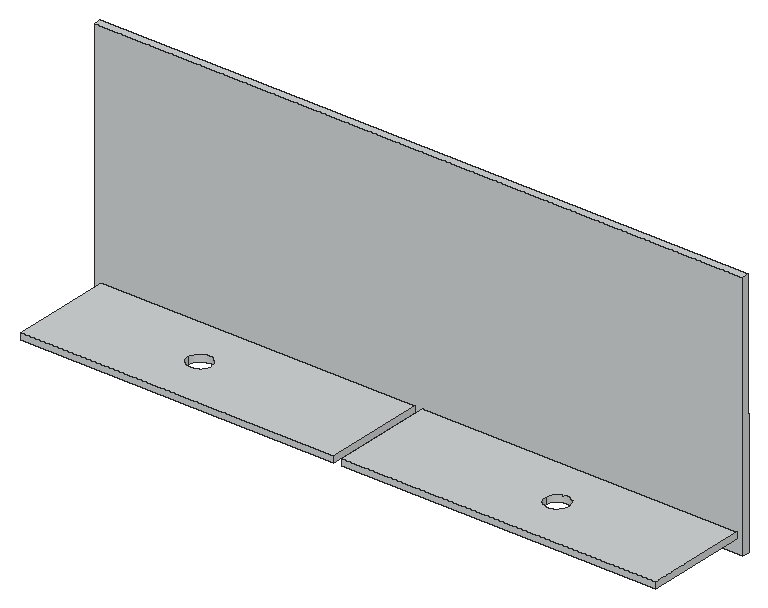
Revit family "Specialty_Equipment-Metal_Raceway-Hubbell_Wiring-Blank_End_Fitting-HBLALU4810B", category Specialty Equipment, host Face, Revit 2015
Parameters (values of type "HBLALU4810B")
  URL = "http://www.hubbell-wiring.com/"
  Product data url = "https://bimobject.com/hubbellwiring/product/hubbell-metal-raceway-alu4800"
  Product Page URL = "http://ecatalog.hubbell-wiring.com/ProductInformation/ViewCatalog.aspx?Dest=hubbell-wiring.com/press/catalog/r.pdf"
  Product Documentation Link = "http://www.hubbell-wiring.com/press/pdfs/h5233r08.pdf"
  Model = "HBLALU4810B"
  Manufacturer = "Hubbell Wiring Device Kellems"  # constant formula
  Host Note = "Add in Section View; Host to Wall"  # constant formula
  Description = "Blank End Fitting"  # constant formula
  Default Elevation = 0.00"
  Cable Tray Material = Metal-Hubbell-Aluminium
  B = 2.31"
  Assembly Code = "D5090900"
  A = 6.00"
Reference planes (in)
  plane 1 "Outside": y = 0
  plane 2 "Wall": z = 0
  plane 3 "Left": x = -0.625
  plane 4 "Right": x = 5.375
  plane 5 "Center": x = 2.375
  plane 6 "Edge of Top": y = -0.0625
  plane 7 "Edge Of Base": y = -1.34715
  plane 8: z = 0.12
  plane 9: z = 1.44937
  plane 10: z = 2.31
  plane 11: z = 0.18
  plane 12: x = -0.565
  plane 13: x = 5.315
  plane 14: y = -1
  plane 15: y = -0.53
  plane 16: x = 0.72
  plane 17: x = 4.03
Forms (in)
  Extrusion 1, solid, material "Metal-Hubbell-Aluminium" <- "Cable Tray Material"
    sketch origin (0, 0, 0) x (1, 0, 0) y (0, 0, 1)
      loop
        line (-0.625, 0) -> (5.375, 0) -> (5.375, 2.31) -> (-0.625, 2.31) -> (-0.625, 0)
    from 0 to 0.0625
  Extrusion 2, solid, material "Metal-Hubbell-Aluminium" <- "Cable Tray Material"
    sketch origin (0, 0, 0) x (1, 0, 0) y (0, 0, 1)
      loop
        line (-0.565, 0.12) -> (5.315, 0.12) -> (5.315, 0.18) -> (-0.565, 0.18) -> (-0.565, 0.12)
    from 0 to 1
  Extrusion 3, void, detail levels medium+fine
    sketch origin (-1.655, 0, 0) x (1, 0, 0) y (0, 1, 0)
      loop
        circle (2.375, -0.53) r 0.11
    from 0.12 to 0.18
  Extrusion 4, void, detail levels medium+fine
    sketch origin (6.405, 0, 0) x (-1, 0, 0) y (0, -1, 0)
      loop
        circle (2.375, 0.53) r 0.11
    from 0.12 to 0.18
  Extrusion 5, void
    sketch origin (0, 0, 0) x (1, 0, 0) y (0, 1, 0)
      loop
        line (2.3393, -0.0625) -> (2.3393, -1) -> (2.4107, -1) -> (2.4107, -0.0625) -> (2.3393, -0.0625)
    from 0.12 to 0.18
Cuts and joins
  Extrusion 4, Extrusion 5 cuts Extrusion 1
  Extrusion 3, Extrusion 4, Extrusion 5 cuts Extrusion 2
  joined: Extrusion 1, Extrusion 2
Lines and regions (in)
  reference lines
    curve 1: line (-0.625, 0, 2.31) -> (5.375, 0, 2.31)
    curve 2: line (-0.625, 0, 0) -> (-0.625, 0, 2.31)
    curve 3: line (5.375, 0, 0) -> (-0.625, 0, 0)
    curve 4: line (5.375, 0, 2.31) -> (5.375, 0, 0)
    curve 5: line (-0.565, 0, 0.18) -> (5.315, 0, 0.18)
    curve 6: line (-0.565, 0, 0.12) -> (-0.565, 0, 0.18)
    curve 7: line (5.315, 0, 0.12) -> (-0.565, 0, 0.12)
    curve 8: line (5.315, 0, 0.18) -> (5.315, 0, 0.12)
  symbolic lines
    curve 9: line (5.375, 0, 2.31) -> (-0.625, 0, 2.31)
    curve 10: line (-0.625, 0, 2.31) -> (-0.625, 0, 0)
    curve 11: line (-0.625, 0, 0) -> (5.375, 0, 0)
    curve 12: line (5.375, 0, 0) -> (5.375, 0, 2.31)
    curve 15: line (-0.625, 0, 0) -> (-0.625, 0, 2.31)
    curve 16: line (-0.625, -0.0625, 2.31) -> (-0.625, -0.0625, 0)
    curve 17: line (-0.625, 0, 2.31) -> (-0.625, -0.0625, 2.31)
    curve 18: line (-0.625, -0.0625, 0) -> (-0.625, 0, 0)
    curve 19: line (-0.625, -1, 0.12) -> (-0.625, 0, 0.12)
    curve 20: line (-0.625, 0, 0.18) -> (-0.625, -1, 0.18)
    curve 21: line (-0.625, -1, 0.18) -> (-0.625, -1, 0.12)
  symbolic lines, detail levels fine
    curve 13: line (-0.565, 0, 0.18) -> (-0.565, 0, 0.12)
    curve 14: line (5.315, 0, 0.12) -> (5.315, 0, 0.18)
    curve 33: line (-0.565, 0, 0.12) -> (5.315, 0, 0.12)
  symbolic lines, style "Symbolic lines"
    curve 22: line (5.375, 0, 0) -> (-0.625, 0, 0)
    curve 23: line (-0.625, -0.0625, 0) -> (5.375, -0.0625, 0)
    curve 24: line (-0.625, 0, 0) -> (-0.625, -0.0625, 0)
    curve 25: line (5.375, -0.0625, 0) -> (5.375, 0, 0)
    curve 26: line (5.315, -1, 0) -> (5.315, 0, 0)
    curve 27: line (-0.565, -1, 0) -> (5.315, -1, 0)
    curve 28: line (-0.565, 0, 0) -> (-0.565, -1, 0)
    curve 36: line (2.3393, -0.0625, 0) -> (2.3393, -1, 0)
    curve 37: line (2.4107, -1, 0) -> (2.4107, -0.0625, 0)
  symbolic lines, style "Symbolic lines", detail levels medium+fine
    curve 29: circle (0.72, -0.53, 0) r 0.11 normal (0, 0, 1)
    curve 30: circle (4.03, -0.53, 0) r 0.11 normal (0, 0, -1)
  symbolic lines, detail levels medium+fine
    curve 31: line (-0.565, 0, 0.18) -> (-0.565, 0, 0.12)
    curve 32: line (5.315, 0, 0.18) -> (-0.565, 0, 0.18)
    curve 34: line (-0.565, 0, 0.12) -> (5.315, 0, 0.12)
    curve 35: line (5.315, 0, 0.12) -> (5.315, 0, 0.18)
Dimensions and locks (in)
  locked: plane 6 "Edge of Top" to plane 1 "Outside" at 0.0625
  plane 7 "Edge Of Base" to plane 6 "Edge of Top" to plane 1 "Outside" = 1.28465" locked, 0.0625" locked
  equal spacing: plane 4 "Right", plane 5 "Center", plane 3 "Left"
  "B": plane 10 to host face
  locked: plane 8 to host face at 0.12
  locked: plane 11 to plane 8 at 0.06
  locked: plane 12 to plane 3 "Left" at 0.06
  locked: plane 4 "Right" to plane 13 at 0.06
  plane 14 to plane 1 "Outside" = 1.00"
  locked: plane 1 "Outside" to plane 14 at 1
  locked: plane 15 to plane 14 at 0.47
  "A": plane 4 "Right" to plane 3 "Left"
  plane 16 to plane 17 = 3.31"
  locked: plane 16 to plane 5 "Center" at 1.655
  locked: plane 5 "Center" to plane 17 at 1.655
  equal spacing: Extrusion 5 sketch curve, plane 5 "Center", Extrusion 5 sketch curve
  locked: Extrusion 3 sketch curve to plane 16 at 0
  locked: Extrusion 3 sketch curve to plane 15 at 0
  locked: Extrusion 4 sketch curve to plane 17 at 0
  locked: Extrusion 4 sketch curve to plane 15 at 0
  aligned and locked: plane 2 "Wall" to host face
  aligned and locked: level to host face
  aligned and locked: plane 10 to curve 1
  aligned and locked: plane 3 "Left" to curve 2
  aligned and locked: level to curve 3
  aligned and locked: curve 4 to plane 4 "Right"
  aligned and locked: Extrusion 1 sketch curve to curve 2
  aligned and locked: Extrusion 1 sketch curve to curve 1
  aligned and locked: Extrusion 1 sketch curve to curve 4
  aligned and locked: Extrusion 1 sketch curve to curve 3
  aligned and locked: curve 5 to plane 11
  aligned and locked: plane 8 to curve 7
  aligned and locked: curve 8 to plane 13
  aligned and locked: plane 12 to curve 6
  aligned and locked: Extrusion 2 sketch curve to curve 6
  aligned and locked: Extrusion 2 sketch curve to curve 5
  aligned and locked: Extrusion 2 sketch curve to curve 7
  aligned and locked: Extrusion 2 sketch curve to curve 8
  aligned and locked: Extrusion 1 to plane 6 "Edge of Top"
  aligned and locked: Extrusion 2 to plane 14
  aligned and locked: curve 9 to Extrusion 1
  aligned and locked: curve 10 to Extrusion 1
  aligned and locked: curve 11 to Extrusion 1
  aligned and locked: curve 12 to Extrusion 1
  aligned and locked: curve 13 to Extrusion 2
  aligned and locked: curve 14 to Extrusion 2
  aligned and locked: curve 15 to Extrusion 1
  aligned and locked: curve 16 to Extrusion 1
  aligned and locked: curve 17 to Extrusion 1
  aligned and locked: curve 18 to Extrusion 1
  aligned and locked: curve 19 to Extrusion 2
  aligned and locked: curve 20 to Extrusion 2
  aligned and locked: curve 22 to Extrusion 1
  aligned and locked: curve 23 to Extrusion 1
  aligned and locked: curve 24 to Extrusion 1
  aligned and locked: curve 25 to Extrusion 1
  aligned and locked: curve 26 to Extrusion 2
  aligned and locked: curve 27 to Extrusion 2
  aligned and locked: curve 28 to Extrusion 2
  aligned and locked: Extrusion 3 to plane 8
  aligned and locked: plane 11 to Extrusion 3
  aligned and locked: curve 29 to cut or joined group of Extrusion 1, Extrusion 2, Extrusion 3, Extrusion 4, Extrusion 5
  aligned and locked: curve 32 to cut or joined group of Extrusion 1, Extrusion 2, Extrusion 3, Extrusion 4, Extrusion 5
  aligned and locked: curve 33 to cut or joined group of Extrusion 1, Extrusion 2, Extrusion 3, Extrusion 4, Extrusion 5
  aligned and locked: cut or joined group of Extrusion 1, Extrusion 2, Extrusion 3, Extrusion 4, Extrusion 5 to Extrusion 5 sketch curve
  aligned and locked: Extrusion 5 sketch curve to cut or joined group of Extrusion 1, Extrusion 2, Extrusion 3, Extrusion 4, Extrusion 5
  aligned and locked: Extrusion 2 to Extrusion 5  (x2)
  aligned and locked: curve 36 to cut or joined group of Extrusion 1, Extrusion 2, Extrusion 3, Extrusion 4, Extrusion 5
  aligned and locked: curve 37 to cut or joined group of Extrusion 1, Extrusion 2, Extrusion 3, Extrusion 4, Extrusion 5
Automatic sketch dimensions
  host sketch curve to host sketch curve = 19.13682"
  host sketch curve to host sketch curve = 19.57141"
  curve 21 to plane 14 = 0.00"
  Extrusion 5 sketch curve to plane 5 "Center" = 0.0357"
  curve 30 to plane 15 = 0.00"
  curve 30 to plane 17 = 0.00"
  radius of Extrusion 3 sketch curve = 0.11"
  radius of Extrusion 4 sketch curve = 0.11"
  radius of curve 30 = 0.11"
